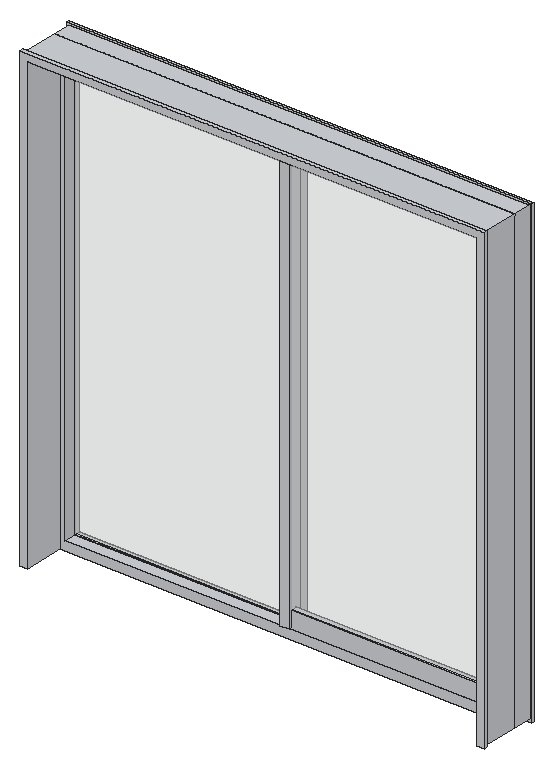
Revit family "APL Residential Thermal Heart Sliding Door SF", category Doors, host Wall, Revit 2017 (continued)
Definition of nested family "APL Residential Thermal Heart Sliding Door SF Horizontal Section"
  Definition of nested family "Glazing Bead"
    Lines and regions (mm)
      detail lines, in view "Ref. Level", not visible
        curve 30: arc (-0.25, -10.787, 0) -> (0, -11.037, 0) -> (-0.25, -11.287, 0) r 0.25
        curve 31: line (-0.25, -12.456, 0) -> (-1, -12.456, 0)
        curve 32: line (-1, -12.456, 0) -> (-1, -8.45, 0)
        curve 33: line (-1, -8.45, 0) -> (-2.2, -8.45, 0)
        curve 34: line (-2.2, -8.45, 0) -> (-2.2, -9.2, 0)
        curve 35: line (-2.2, -9.2, 0) -> (-2.8, -9.2, 0)
        curve 36: line (-2.8, -9.2, 0) -> (-2.8, -6.1, 0)
        curve 37: line (-2.8, -6.1, 0) -> (-2.2, -6.1, 0)
        curve 38: line (-2.2, -6.1, 0) -> (-2.2, -6.85, 0)
        curve 39: line (-2.2, -6.85, 0) -> (-1, -6.85, 0)
        curve 40: line (-1, -6.85, 0) -> (-1, -4.9, 0)
        curve 41: line (-1, -4.9, 0) -> (-0.25, -4.9, 0)
        curve 42: line (-0.25, -5.4, 0) -> (-0.25, -8.45, 0)
        curve 43: line (-0.25, -8.95, 0) -> (-0.25, -9.619, 0)
        curve 44: line (-0.25, -10.119, 0) -> (-0.25, -10.787, 0)
        curve 45: line (-0.25, -11.287, 0) -> (-0.25, -11.956, 0)
        curve 46: arc (-0.25, -11.956, 0) -> (0, -12.206, 0) -> (-0.25, -12.456, 0) r 0.25
        curve 47: arc (62.983, -3.041, 0) -> (62.673, -2.901, 0) -> (62.511, -3.2, 0) r 0.25
        curve 48: arc (62.537, -13.088, 0) -> (62.7, -13.387, 0) -> (63.01, -13.247, 0) r 0.25
        curve 49: line (62.511, -3.2, 0) -> (63.505, -7.068, 0)
        curve 50: line (63.505, -7.068, 0) -> (62.502, -7.647, 0)
        curve 51: line (62.502, -7.647, 0) -> (62.502, -8.647, 0)
        curve 52: line (62.502, -8.647, 0) -> (63.527, -9.239, 0)
        curve 53: line (63.527, -9.239, 0) -> (62.537, -13.088, 0)
        curve 54: line (63.01, -13.247, 0) -> (64.734, -9.147, 0)
        curve 55: line (64.734, -9.147, 0) -> (66.002, -9.147, 0)
        curve 56: line (66.002, -9.147, 0) -> (66.002, -10.397, 0)
        curve 57: line (66.002, -10.397, 0) -> (67.002, -10.397, 0)
        curve 58: line (67.002, -10.397, 0) -> (67.002, -5.897, 0)
        curve 59: line (67.002, -5.897, 0) -> (66.002, -5.897, 0)
        curve 60: line (66.002, -5.897, 0) -> (66.002, -7.147, 0)
        curve 61: line (66.002, -7.147, 0) -> (64.71, -7.147, 0)
        curve 62: line (64.71, -7.147, 0) -> (62.983, -3.041, 0)
    Dimensions and locks
      "Glass Lenght": plane 1 "Center (Front/Back)" to plane 4
      aligned and locked: plane 4 to curve 2
      aligned and locked: plane 1 "Center (Front/Back)" to Filled region 1 sketch curve
      aligned and locked: Filled region 1 sketch curve to curve 6
      aligned and locked: Filled region 1 sketch curve to curve 1
      aligned and locked: Filled region 1 sketch curve to curve 5
    Automatic sketch dimensions
      plane 1 "Center (Front/Back)" to curve 2 = 0 mm
      curve 2 to plane 3 "Center (Left/Right)" = 0 mm
      curve 6 to plane 4 = 0 mm
      curve 5 to plane 4 = 0 mm
      curve 4 to plane 4 = 0 mm
      curve 5 to curve 3 = 4 mm
      plane 3 "Center (Left/Right)" to curve 1 = 4 mm
      curve 6 to curve 5 = 16 mm
      plane 1 "Center (Front/Back)" to curve 1 = 12 mm
    Nested families
      nested 1: "65015_Bead" at (-15.5, 6.328, 0), type "65015_Bead", in view "Ref. Level"
    Definition of nested family "65015_Bead"
      Reference planes
        plane 1 "Center (Front/Back)": y = 0
        plane 2: z = 0
        plane 3 "Center (Left/Right)": x = 0
      Lines and regions (mm)
        model lines, in view "Ref. Level"
          curve 1: arc (13.5, 12.78, 0) -> (13.558, 12.92, 0) -> (13.698, 12.978, 0) r 0.198
          curve 2: arc (14.302, 12.978, 0) -> (14.442, 12.918, 0) -> (14.5, 12.777, 0) r 0.201
          curve 3: arc (14.5, 10.175, 0) -> (14.442, 10.036, 0) -> (14.302, 9.978, 0) r 0.198
          curve 4: arc (13.698, 9.978, 0) -> (13.558, 10.036, 0) -> (13.5, 10.175, 0) r 0.198
          curve 5: arc (13.5, 11.027, 0) -> (13.442, 11.169, 0) -> (13.3, 11.228, 0) r 0.2
          curve 6: arc (12.7, 11.228, 0) -> (11.851, 11.579, 0) -> (11.5, 12.428, 0) r 1.2
          curve 7: arc (11.5, 13.628, 0) -> (11.377, 13.813, 0) -> (11.159, 13.769, 0) r 0.2
          curve 8: arc (1.546, 4.157, 0) -> (1.438, 3.995, 0) -> (1.4, 3.804, 0) r 0.5
          curve 9: arc (1.4, 1.817, 0) -> (1.467, 1.567, 0) -> (1.65, 1.384, 0) r 0.5
          curve 10: arc (10.675, -3.827, 0) -> (10.913, -4.714, 0) -> (10.025, -4.952, 0) r 0.65
          curve 11: arc (3.306, -1.073, 0) -> (2.928, -1.023, 0) -> (2.624, -1.254, 0) r 0.5
          curve 12: arc (2.587, -2.129, 0) -> (2.248, -2.45, 0) -> (1.791, -2.352, 0) r 0.5
          curve 13: arc (1.518, -2.123, 0) -> (1.466, -2.054, 0) -> (1.447, -1.97, 0) r 0.2
          curve 14: arc (1.447, -1.115, 0) -> (1.476, -1.011, 0) -> (1.555, -0.938, 0) r 0.2
          curve 15: arc (1.555, -0.938, 0) -> (1.717, -0.809, 0) -> (1.82, -0.63, 0) r 0.55
          curve 16: arc (1.82, -0.63, 0) -> (1.825, -0.452, 0) -> (1.729, -0.302, 0) r 0.3
          curve 17: arc (0.2, 0, 0) -> (0.059, 0.059, 0) -> (0, 0.2, 0) r 0.2
          curve 18: arc (0, 4.383, 0) -> (0.038, 4.575, 0) -> (0.146, 4.737, 0) r 0.5
          curve 19: arc (14.159, 18.749, 0) -> (14.377, 18.792, 0) -> (14.5, 18.608, 0) r 0.2
          curve 20: arc (14.5, 15.172, 0) -> (14.442, 15.034, 0) -> (14.303, 14.978, 0) r 0.194
          curve 21: arc (13.698, 14.978, 0) -> (13.559, 15.038, 0) -> (13.5, 15.177, 0) r 0.203
          curve 22: arc (13.5, 15.528, 0) -> (13.441, 15.669, 0) -> (13.3, 15.728, 0) r 0.201
          curve 23: arc (12.7, 15.728, 0) -> (12.559, 15.669, 0) -> (12.5, 15.528, 0) r 0.2
          curve 24: arc (12.5, 12.428, 0) -> (12.559, 12.286, 0) -> (12.7, 12.228, 0) r 0.2
          curve 25: line (13.5, 12.428, 0) -> (13.5, 12.78, 0)
          curve 26: line (13.698, 12.978, 0) -> (14.302, 12.978, 0)
          curve 27: line (14.5, 12.777, 0) -> (14.5, 10.175, 0)
          curve 28: line (14.302, 9.978, 0) -> (13.698, 9.978, 0)
          curve 29: line (13.5, 10.175, 0) -> (13.5, 11.027, 0)
          curve 30: line (13.3, 11.228, 0) -> (12.7, 11.228, 0)
          curve 31: line (11.5, 12.428, 0) -> (11.5, 13.628, 0)
          curve 32: line (11.159, 13.769, 0) -> (1.546, 4.157, 0)
          curve 33: line (1.4, 3.804, 0) -> (1.4, 1.817, 0)
          curve 34: line (1.65, 1.384, 0) -> (10.675, -3.827, 0)
          curve 35: line (10.025, -4.952, 0) -> (3.306, -1.073, 0)
          curve 36: line (2.597, -1.355, 0) -> (2.597, -2.065, 0)
          curve 37: line (1.791, -2.352, 0) -> (1.518, -2.123, 0)
          curve 38: line (1.518, -2.123, 0) -> (1.447, -1.115, 0)
          curve 39: line (1.729, -0.302, 0) -> (1.425, -0.047, 0)
          curve 40: line (1.425, -0.047, 0) -> (0.2, 0, 0)
          curve 41: line (0, 0.2, 0) -> (0, 4.383, 0)
          curve 42: line (0.146, 4.737, 0) -> (14.159, 18.749, 0)
          curve 43: line (14.5, 18.608, 0) -> (14.5, 15.172, 0)
          curve 44: line (14.303, 14.978, 0) -> (13.698, 14.978, 0)
          curve 45: line (13.5, 15.177, 0) -> (13.5, 15.528, 0)
          curve 46: line (13.3, 15.728, 0) -> (12.7, 15.728, 0)
          curve 47: line (12.5, 15.528, 0) -> (12.5, 12.428, 0)
          curve 48: line (12.7, 12.228, 0) -> (13.3, 12.228, 0)
          curve 49: arc (13.3, 12.228, 0) -> (13.441, 12.286, 0) -> (13.5, 12.428, 0) r 0.2
      Text (mm)
        text "65015" at (32.01, 10.207, 0), in view "Ref. Level"
  Definition of nested family "Glass"
    Parameters (values of type "Glass")
      Glass Lenght [instance] = 50 mm
    Reference planes
      plane 1 "Center (Front/Back)": y = 0
      plane 2: z = 0
      plane 3 "Center (Left/Right)": x = 0
      plane 4: y = -50
    Lines and regions (mm)
      Filled region 1, type "Solid Fill - Black", in view "Ref. Level"
        outline origin (0, 0, 0) x (1, 0, 0) y (0, 1, 0)
          loop
            line (4, 0) -> (4, -12) -> (20, -12) -> (20, 0) -> (4, 0)
      model lines, in view "Ref. Level"
        curve 1: line (4, -12, 0) -> (20, -12, 0)
        curve 2: line (0, -50, 0) -> (0, 0, 0)
        curve 3: line (0, 0, 0) -> (24, 0, 0)
        curve 4: line (24, 0, 0) -> (24, -50, 0)
        curve 5: line (20, 0, 0) -> (20, -50, 0)
        curve 6: line (4, 0, 0) -> (4, -50, 0)
      detail lines, in view "Ref. Level"
        curve 7: arc (25, -11.728, 0) -> (24.979, -11.828, 0) -> (24.92, -11.912, 0) r 0.25
        curve 8: arc (24.161, -12.614, 0) -> (24.042, -12.78, 0) -> (24, -12.981, 0) r 0.5
        curve 9: arc (24, -14.404, 0) -> (24.088, -14.594, 0) -> (24.289, -14.651, 0) r 0.25
        curve 10: arc (28.489, -13.997, 0) -> (28.647, -13.904, 0) -> (28.699, -13.728, 0) r 0.25
        curve 11: arc (27.5, -9.1, 0) -> (27.711, -8.984, 0) -> (27.727, -8.744, 0) r 0.25
        curve 12: arc (26.033, -5.114, 0) -> (25.642, -4.858, 0) -> (25.24, -5.095, 0) r 0.442
        curve 13: arc (24.864, -5.812, 0) -> (24.414, -6.357, 0) -> (24.052, -6.964, 0) r 4.62
        curve 14: arc (24.052, -6.964, 0) -> (24.013, -7.073, 0) -> (24, -7.187, 0) r 0.5
        curve 15: arc (24, -7.743, 0) -> (24.132, -7.931, 0) -> (24.353, -7.871, 0) r 0.2
        curve 16: arc (24.353, -7.871, 0) -> (24.514, -7.711, 0) -> (24.702, -7.581, 0) r 1.262
        curve 17: arc (24.702, -7.581, 0) -> (24.901, -7.583, 0) -> (25, -7.756, 0) r 0.2
        curve 18: arc (25, -8.353, 0) -> (24.962, -8.543, 0) -> (24.855, -8.705, 0) r 0.5
        curve 19: arc (24.855, -8.705, 0) -> (24.408, -9.237, 0) -> (24.051, -9.833, 0) r 4.3
        curve 20: arc (24.051, -9.833, 0) -> (24.013, -9.941, 0) -> (24, -10.054, 0) r 0.5
        curve 21: arc (24, -10.668, 0) -> (24.137, -10.858, 0) -> (24.361, -10.787, 0) r 0.2
        curve 22: arc (24.361, -10.787, 0) -> (24.512, -10.617, 0) -> (24.69, -10.476, 0) r 1.288
        curve 23: arc (24.69, -10.476, 0) -> (24.895, -10.467, 0) -> (25, -10.643, 0) r 0.2
        curve 24: line (24.92, -11.912, 0) -> (24.161, -12.614, 0)
        curve 25: line (24, -12.981, 0) -> (24, -14.404, 0)
        curve 26: line (24.289, -14.651, 0) -> (28.489, -13.997, 0)
        curve 27: line (28.699, -13.728, 0) -> (28.548, -12, 0)
        curve 28: line (28.548, -12, 0) -> (27, -12, 0)
        curve 29: line (27, -12, 0) -> (27, -9.1, 0)
        curve 30: line (27, -9.1, 0) -> (27.5, -9.1, 0)
        curve 31: line (27.727, -8.744, 0) -> (26.033, -5.114, 0)
        curve 32: line (25.24, -5.095, 0) -> (24.864, -5.812, 0)
        curve 33: line (24, -7.187, 0) -> (24, -7.743, 0)
        curve 34: line (25, -7.756, 0) -> (25, -8.353, 0)
        curve 35: line (24, -10.054, 0) -> (24, -10.668, 0)
        curve 36: line (25, -10.643, 0) -> (25, -11.728, 0)
        curve 87: arc (-0.25, -13, 0) -> (0, -12.75, 0) -> (-0.25, -12.5, 0) r 0.25
        curve 88: arc (-0.25, -9.45, 0) -> (0, -9.2, 0) -> (-0.25, -8.95, 0) r 0.25
        curve 89: arc (-0.25, -8.281, 0) -> (0, -8.031, 0) -> (-0.25, -7.781, 0) r 0.25
        curve 90: arc (-0.25, -7.113, 0) -> (0, -6.863, 0) -> (-0.25, -6.613, 0) r 0.25
        curve 91: line (-0.25, -5.444, 0) -> (-1, -5.444, 0)
        curve 92: line (-1, -5.444, 0) -> (-1, -9.45, 0)
        curve 93: line (-1, -9.45, 0) -> (-2.2, -9.45, 0)
        curve 94: line (-2.2, -9.45, 0) -> (-2.2, -8.7, 0)
        curve 95: line (-2.2, -8.7, 0) -> (-2.8, -8.7, 0)
        curve 96: line (-2.8, -8.7, 0) -> (-2.8, -11.8, 0)
        curve 97: line (-2.8, -11.8, 0) -> (-2.2, -11.8, 0)
        curve 98: line (-2.2, -11.8, 0) -> (-2.2, -11.05, 0)
        curve 99: line (-2.2, -11.05, 0) -> (-1, -11.05, 0)
        curve 100: line (-1, -11.05, 0) -> (-1, -13, 0)
        curve 101: line (-1, -13, 0) -> (-0.25, -13, 0)
        curve 102: line (-0.25, -12.5, 0) -> (-0.25, -9.45, 0)
        curve 103: line (-0.25, -8.95, 0) -> (-0.25, -8.281, 0)
        curve 104: line (-0.25, -7.781, 0) -> (-0.25, -7.113, 0)
        curve 105: line (-0.25, -6.613, 0) -> (-0.25, -5.944, 0)
        curve 106: arc (-0.25, -5.944, 0) -> (0, -5.694, 0) -> (-0.25, -5.444, 0) r 0.25
      detail lines, in view "Ref. Level", not visible
        curve 37: arc (-0.25, -4.9, 0) -> (0, -5.15, 0) -> (-0.25, -5.4, 0) r 0.25
        curve 38: arc (-0.25, -8.45, 0) -> (0, -8.7, 0) -> (-0.25, -8.95, 0) r 0.25
        curve 39: arc (-0.25, -9.619, 0) -> (0, -9.869, 0) -> (-0.25, -10.119, 0) r 0.25
        curve 40: arc (-0.25, -10.787, 0) -> (0, -11.037, 0) -> (-0.25, -11.287, 0) r 0.25
        curve 41: line (-0.25, -12.456, 0) -> (-1, -12.456, 0)
        curve 42: line (-1, -12.456, 0) -> (-1, -8.45, 0)
        curve 43: line (-1, -8.45, 0) -> (-2.2, -8.45, 0)
        curve 44: line (-2.2, -8.45, 0) -> (-2.2, -9.2, 0)
        curve 45: line (-2.2, -9.2, 0) -> (-2.8, -9.2, 0)
        curve 46: line (-2.8, -9.2, 0) -> (-2.8, -6.1, 0)
        curve 47: line (-2.8, -6.1, 0) -> (-2.2, -6.1, 0)
        curve 48: line (-2.2, -6.1, 0) -> (-2.2, -6.85, 0)
        curve 49: line (-2.2, -6.85, 0) -> (-1, -6.85, 0)
        curve 50: line (-1, -6.85, 0) -> (-1, -4.9, 0)
        curve 51: line (-1, -4.9, 0) -> (-0.25, -4.9, 0)
        curve 52: line (-0.25, -5.4, 0) -> (-0.25, -8.45, 0)
        curve 53: line (-0.25, -8.95, 0) -> (-0.25, -9.619, 0)
        curve 54: line (-0.25, -10.119, 0) -> (-0.25, -10.787, 0)
        curve 55: line (-0.25, -11.287, 0) -> (-0.25, -11.956, 0)
        curve 56: arc (-0.25, -11.956, 0) -> (0, -12.206, 0) -> (-0.25, -12.456, 0) r 0.25
        curve 57: arc (25, -10.728, 0) -> (24.979, -10.828, 0) -> (24.92, -10.912, 0) r 0.25
        curve 58: arc (24.161, -11.614, 0) -> (24.042, -11.78, 0) -> (24, -11.981, 0) r 0.5
        curve 59: arc (24, -13.404, 0) -> (24.088, -13.594, 0) -> (24.289, -13.651, 0) r 0.25
        curve 60: arc (28.489, -12.997, 0) -> (28.647, -12.904, 0) -> (28.699, -12.728, 0) r 0.25
        curve 61: arc (27.5, -8.1, 0) -> (27.711, -7.984, 0) -> (27.727, -7.744, 0) r 0.25
        curve 62: arc (26.033, -4.114, 0) -> (25.642, -3.858, 0) -> (25.24, -4.095, 0) r 0.442
        curve 63: arc (24.864, -4.812, 0) -> (24.414, -5.357, 0) -> (24.052, -5.964, 0) r 4.62
        curve 64: arc (24.052, -5.964, 0) -> (24.013, -6.073, 0) -> (24, -6.187, 0) r 0.5
        curve 65: arc (24, -6.743, 0) -> (24.132, -6.931, 0) -> (24.353, -6.871, 0) r 0.2
        curve 66: arc (24.353, -6.871, 0) -> (24.514, -6.711, 0) -> (24.702, -6.581, 0) r 1.262
        curve 67: arc (24.702, -6.581, 0) -> (24.901, -6.583, 0) -> (25, -6.756, 0) r 0.2
        curve 68: arc (25, -7.353, 0) -> (24.962, -7.543, 0) -> (24.855, -7.705, 0) r 0.5
        curve 69: arc (24.855, -7.705, 0) -> (24.408, -8.237, 0) -> (24.051, -8.833, 0) r 4.3
        curve 70: arc (24.051, -8.833, 0) -> (24.013, -8.941, 0) -> (24, -9.054, 0) r 0.5
        curve 71: arc (24, -9.668, 0) -> (24.137, -9.858, 0) -> (24.361, -9.787, 0) r 0.2
        curve 72: arc (24.361, -9.787, 0) -> (24.512, -9.617, 0) -> (24.69, -9.476, 0) r 1.288
        curve 73: arc (24.69, -9.476, 0) -> (24.895, -9.467, 0) -> (25, -9.643, 0) r 0.2
        curve 74: line (24.92, -10.912, 0) -> (24.161, -11.614, 0)
        curve 75: line (24, -11.981, 0) -> (24, -13.404, 0)
        curve 76: line (24.289, -13.651, 0) -> (28.489, -12.997, 0)
        curve 77: line (28.699, -12.728, 0) -> (28.548, -11, 0)
        curve 78: line (28.548, -11, 0) -> (27, -11, 0)
        curve 79: line (27, -11, 0) -> (27, -8.1, 0)
        curve 80: line (27, -8.1, 0) -> (27.5, -8.1, 0)
        curve 81: line (27.727, -7.744, 0) -> (26.033, -4.114, 0)
        curve 82: line (25.24, -4.095, 0) -> (24.864, -4.812, 0)
        curve 83: line (24, -6.187, 0) -> (24, -6.743, 0)
        curve 84: line (25, -6.756, 0) -> (25, -7.353, 0)
        curve 85: line (24, -9.054, 0) -> (24, -9.668, 0)
        curve 86: line (25, -9.643, 0) -> (25, -10.728, 0)
    Dimensions and locks
      "Glass Lenght": plane 1 "Center (Front/Back)" to plane 4
      aligned and locked: plane 4 to curve 2
      aligned and locked: plane 1 "Center (Front/Back)" to Filled region 1 sketch curve
      aligned and locked: Filled region 1 sketch curve to curve 6
      aligned and locked: Filled region 1 sketch curve to curve 1
      aligned and locked: Filled region 1 sketch curve to curve 5
    Automatic sketch dimensions
      plane 1 "Center (Front/Back)" to curve 2 = 0 mm
      curve 2 to plane 3 "Center (Left/Right)" = 0 mm
      curve 6 to plane 4 = 0 mm
      curve 5 to plane 4 = 0 mm
      curve 4 to plane 4 = 0 mm
      curve 5 to curve 3 = 4 mm
      curve 1 to curve 1 = 16 mm
      plane 1 "Center (Front/Back)" to curve 1 = 12 mm
      plane 3 "Center (Left/Right)" to curve 6 = 4 mm
Definition of nested family "APL Residential Thermal Heart Sliding Door SF Vertical Section"
  Parameters (values of type "Groove Liner")
    Sill Liner = yes
    Liner End [instance] = 10 mm
    Liner Block = Liner : Liner
    Liner [instance] = 100 mm
    Head Liner = yes
    Groove [instance] = 10 mm
    Glass Length [instance] = Box Height - 217.9 mm  # 282.1 mm
    Box Height [instance] = 500 mm
  Types (2, lengths in mm): name | Liner Block
    Groove Liner | Liner : Liner
    Liner | Liner No Groove : Liner No Groove
  Reference planes
    plane 1 "Center (Front/Back)": x = -337.446
    plane 2: z = 0
    plane 3 "Center (Left/Right)": y = 126.603
    plane 4: y = 376.603
    plane 5: y = -123.397
    plane 6: x = -284.446
    plane 7: x = -284.446
    plane 8: x = -377.596
    plane 9: y = -128.397
  Dimensions and locks
    equal spacing: plane 4, plane 3 "Center (Left/Right)", plane 5
    "Box Height": plane 4 to plane 5
    "Liner": plane 6 to nested 1
    "Liner": plane 7 to nested 2
    locked: nested 5 to nested 1 at 22.396
    locked: nested 2 to nested 6 at 22.397
    locked: nested 3 to nested 5 at 6
    locked: nested 6 to nested 4 at 6
    locked: nested 3 to plane 4 at 92
    locked: plane 5 to nested 4 at 120.801
    locked: plane 9 to nested 6 at 5
    locked: nested 6 to plane 8 at 5
    aligned and locked: plane 7 to nested 2
  Nested families
    nested 1: "Liner" at (-284.446, 355.999, 0), type <- "Liner Block", visible <- "Head Liner", type "Liner", in view "Left", detail levels fine
      with built-in parameter 1001306 0.32808 (stored number, unit not read)
    nested 2: "Liner" at (-284.446, -102.794, 0), type <- "Liner Block", visible <- "Sill Liner", type "Liner", in view "Left", detail levels fine
      with built-in parameter 1001306 0.32808 (stored number, unit not read)
    nested 3: "Glass" at (-317.757, 284.602, 0), Glass Lenght <- "Glass Length", type "Glass", in view "Left", detail levels fine
      with Glass Lenght 282.1 mm
    nested 4: "Glass" at (-317.757, -2.597, 0), Glass Lenght <- "Glass Length", type "Glass", in view "Left", detail levels fine
      with Glass Lenght 282.1 mm
    nested 5: "Head Two Panel" at (-395.477, 376.603, 0), type "Head Two Panel", in view "Left", detail levels fine
    nested 6: "Sill Two Panel" at (-308.917, -123.397, 0), type "Sill Two Panel", in view "Left", detail levels fine
  Definition of nested family "Liner"
    Parameters (values of type "Liner")
      Type Image = (empty or 0)
      built-in parameter 1001306 [instance] = 100 mm
      Groove [instance] = 10 mm
      End Liner [instance] = 10 mm
    Reference planes
      plane 1 "Center (Front/Back)": y = 0
      plane 2: z = 0
      plane 3 "Left": x = 0
      plane 4 "Right": x = 100
    Lines and regions (mm)
      Filled region 1, type "Brick", in view "Ref. Level"
        outline origin (0, 0, 0) x (1, 0, 0) y (0, 1, 0)
          loop
            line (0, 0) -> (120, 0) -> (120, 19) -> (110, 19) -> (110, 13.435) -> (100, 13.435) -> (100, 19) -> (0, 19) -> (0, 0)
      reference lines, in view "Ref. Level"
        curve 1: line (0, 0, 0) -> (100, 0, 0)
      detail lines, in view "Ref. Level", detail levels fine
        curve 2: line (100, 0, 0) -> (0, 0, 0)
    Dimensions and locks
      "built-in parameter 1001306": plane 3 "Left" to plane 4 "Right"
      locked: Filled region 1 to curve 2 at 19
      "Groove": plane 4 "Right" to Filled region 1
      "End Liner": Filled region 1 to Filled region 1
      aligned and locked: plane 1 "Center (Front/Back)" to curve 1
      aligned and locked: plane 3 "Left" to curve 1
      aligned and locked: plane 4 "Right" to curve 1
      aligned and locked: curve 1 to Filled region 1
      aligned and locked: plane 1 "Center (Front/Back)" to Filled region 1
      aligned and locked: Filled region 1 to plane 3 "Left"
    Automatic sketch dimensions
      curve 2 to plane 4 "Right" = 0 mm
      Filled region 1 sketch curve to plane 3 "Left" = 0 mm
      Filled region 1 sketch curve to plane 4 "Right" = 0 mm
      Filled region 1 sketch curve to Filled region 1 sketch curve = 10 mm  (x2)
      Filled region 1 sketch curve to plane 1 "Center (Front/Back)" = 0 mm
      Filled region 1 sketch curve to plane 1 "Center (Front/Back)" = 13.435 mm
      Filled region 1 sketch curve to Filled region 1 sketch curve = 5.565 mm  (x2)
      curve 2 to plane 3 "Left" = 0 mm
  Definition of nested family "Glass"
    Parameters (values of type "Glass")
      Glass Lenght [instance] = 50 mm
    Reference planes
      plane 1 "Center (Front/Back)": y = 0
      plane 2: z = 0
      plane 3 "Center (Left/Right)": x = 0
      plane 4: y = -50
    Lines and regions (mm)
      Filled region 1, type "Solid Fill - Black", in view "Ref. Level"
        outline origin (0, 0, 0) x (1, 0, 0) y (0, 1, 0)
          loop
            line (4, 0) -> (4, -12) -> (20, -12) -> (20, 0) -> (4, 0)
      model lines, in view "Ref. Level"
        curve 1: line (4, -12, 0) -> (20, -12, 0)
        curve 2: line (0, -50, 0) -> (0, 0, 0)
        curve 3: line (0, 0, 0) -> (24, 0, 0)
        curve 4: line (24, 0, 0) -> (24, -50, 0)
        curve 5: line (20, 0, 0) -> (20, -50, 0)
        curve 6: line (4, 0, 0) -> (4, -50, 0)
      detail lines, in view "Ref. Level"
        curve 7: arc (25, -11.728, 0) -> (24.979, -11.828, 0) -> (24.92, -11.912, 0) r 0.25
        curve 8: arc (24.161, -12.614, 0) -> (24.042, -12.78, 0) -> (24, -12.981, 0) r 0.5
        curve 9: arc (24, -14.404, 0) -> (24.088, -14.594, 0) -> (24.289, -14.651, 0) r 0.25
        curve 10: arc (28.489, -13.997, 0) -> (28.647, -13.904, 0) -> (28.699, -13.728, 0) r 0.25
        curve 11: arc (27.5, -9.1, 0) -> (27.711, -8.984, 0) -> (27.727, -8.744, 0) r 0.25
        curve 12: arc (26.033, -5.114, 0) -> (25.642, -4.858, 0) -> (25.24, -5.095, 0) r 0.442
        curve 13: arc (24.864, -5.812, 0) -> (24.414, -6.357, 0) -> (24.052, -6.964, 0) r 4.62
        curve 14: arc (24.052, -6.964, 0) -> (24.013, -7.073, 0) -> (24, -7.187, 0) r 0.5
        curve 15: arc (24, -7.743, 0) -> (24.132, -7.931, 0) -> (24.353, -7.871, 0) r 0.2
        curve 16: arc (24.353, -7.871, 0) -> (24.514, -7.711, 0) -> (24.702, -7.581, 0) r 1.262
        curve 17: arc (24.702, -7.581, 0) -> (24.901, -7.583, 0) -> (25, -7.756, 0) r 0.2
        curve 18: arc (25, -8.353, 0) -> (24.962, -8.543, 0) -> (24.855, -8.705, 0) r 0.5
        curve 19: arc (24.855, -8.705, 0) -> (24.408, -9.237, 0) -> (24.051, -9.833, 0) r 4.3
        curve 20: arc (24.051, -9.833, 0) -> (24.013, -9.941, 0) -> (24, -10.054, 0) r 0.5
        curve 21: arc (24, -10.668, 0) -> (24.137, -10.858, 0) -> (24.361, -10.787, 0) r 0.2
        curve 22: arc (24.361, -10.787, 0) -> (24.512, -10.617, 0) -> (24.69, -10.476, 0) r 1.288
        curve 23: arc (24.69, -10.476, 0) -> (24.895, -10.467, 0) -> (25, -10.643, 0) r 0.2
        curve 24: line (24.92, -11.912, 0) -> (24.161, -12.614, 0)
        curve 25: line (24, -12.981, 0) -> (24, -14.404, 0)
        curve 26: line (24.289, -14.651, 0) -> (28.489, -13.997, 0)
        curve 27: line (28.699, -13.728, 0) -> (28.548, -12, 0)
        curve 28: line (28.548, -12, 0) -> (27, -12, 0)
        curve 29: line (27, -12, 0) -> (27, -9.1, 0)
        curve 30: line (27, -9.1, 0) -> (27.5, -9.1, 0)
        curve 31: line (27.727, -8.744, 0) -> (26.033, -5.114, 0)
        curve 32: line (25.24, -5.095, 0) -> (24.864, -5.812, 0)
        curve 33: line (24, -7.187, 0) -> (24, -7.743, 0)
        curve 34: line (25, -7.756, 0) -> (25, -8.353, 0)
        curve 35: line (24, -10.054, 0) -> (24, -10.668, 0)
        curve 36: line (25, -10.643, 0) -> (25, -11.728, 0)
        curve 87: arc (-0.25, -13, 0) -> (0, -12.75, 0) -> (-0.25, -12.5, 0) r 0.25
        curve 88: arc (-0.25, -9.45, 0) -> (0, -9.2, 0) -> (-0.25, -8.95, 0) r 0.25
        curve 89: arc (-0.25, -8.281, 0) -> (0, -8.031, 0) -> (-0.25, -7.781, 0) r 0.25
        curve 90: arc (-0.25, -7.113, 0) -> (0, -6.863, 0) -> (-0.25, -6.613, 0) r 0.25
        curve 91: line (-0.25, -5.444, 0) -> (-1, -5.444, 0)
        curve 92: line (-1, -5.444, 0) -> (-1, -9.45, 0)
        curve 93: line (-1, -9.45, 0) -> (-2.2, -9.45, 0)
        curve 94: line (-2.2, -9.45, 0) -> (-2.2, -8.7, 0)
        curve 95: line (-2.2, -8.7, 0) -> (-2.8, -8.7, 0)
        curve 96: line (-2.8, -8.7, 0) -> (-2.8, -11.8, 0)
        curve 97: line (-2.8, -11.8, 0) -> (-2.2, -11.8, 0)
        curve 98: line (-2.2, -11.8, 0) -> (-2.2, -11.05, 0)
        curve 99: line (-2.2, -11.05, 0) -> (-1, -11.05, 0)
        curve 100: line (-1, -11.05, 0) -> (-1, -13, 0)
        curve 101: line (-1, -13, 0) -> (-0.25, -13, 0)
        curve 102: line (-0.25, -12.5, 0) -> (-0.25, -9.45, 0)
        curve 103: line (-0.25, -8.95, 0) -> (-0.25, -8.281, 0)
        curve 104: line (-0.25, -7.781, 0) -> (-0.25, -7.113, 0)
        curve 105: line (-0.25, -6.613, 0) -> (-0.25, -5.944, 0)
        curve 106: arc (-0.25, -5.944, 0) -> (0, -5.694, 0) -> (-0.25, -5.444, 0) r 0.25
      detail lines, in view "Ref. Level", not visible
        curve 37: arc (-0.25, -4.9, 0) -> (0, -5.15, 0) -> (-0.25, -5.4, 0) r 0.25
        curve 38: arc (-0.25, -8.45, 0) -> (0, -8.7, 0) -> (-0.25, -8.95, 0) r 0.25
        curve 39: arc (-0.25, -9.619, 0) -> (0, -9.869, 0) -> (-0.25, -10.119, 0) r 0.25
        curve 40: arc (-0.25, -10.787, 0) -> (0, -11.037, 0) -> (-0.25, -11.287, 0) r 0.25
        curve 41: line (-0.25, -12.456, 0) -> (-1, -12.456, 0)
        curve 42: line (-1, -12.456, 0) -> (-1, -8.45, 0)
        curve 43: line (-1, -8.45, 0) -> (-2.2, -8.45, 0)
        curve 44: line (-2.2, -8.45, 0) -> (-2.2, -9.2, 0)
        curve 45: line (-2.2, -9.2, 0) -> (-2.8, -9.2, 0)
        curve 46: line (-2.8, -9.2, 0) -> (-2.8, -6.1, 0)
        curve 47: line (-2.8, -6.1, 0) -> (-2.2, -6.1, 0)
        curve 48: line (-2.2, -6.1, 0) -> (-2.2, -6.85, 0)
        curve 49: line (-2.2, -6.85, 0) -> (-1, -6.85, 0)
        curve 50: line (-1, -6.85, 0) -> (-1, -4.9, 0)
        curve 51: line (-1, -4.9, 0) -> (-0.25, -4.9, 0)
        curve 52: line (-0.25, -5.4, 0) -> (-0.25, -8.45, 0)
        curve 53: line (-0.25, -8.95, 0) -> (-0.25, -9.619, 0)
        curve 54: line (-0.25, -10.119, 0) -> (-0.25, -10.787, 0)
        curve 55: line (-0.25, -11.287, 0) -> (-0.25, -11.956, 0)
        curve 56: arc (-0.25, -11.956, 0) -> (0, -12.206, 0) -> (-0.25, -12.456, 0) r 0.25
        curve 57: arc (25, -10.728, 0) -> (24.979, -10.828, 0) -> (24.92, -10.912, 0) r 0.25
        curve 58: arc (24.161, -11.614, 0) -> (24.042, -11.78, 0) -> (24, -11.981, 0) r 0.5
        curve 59: arc (24, -13.404, 0) -> (24.088, -13.594, 0) -> (24.289, -13.651, 0) r 0.25
        curve 60: arc (28.489, -12.997, 0) -> (28.647, -12.904, 0) -> (28.699, -12.728, 0) r 0.25
        curve 61: arc (27.5, -8.1, 0) -> (27.711, -7.984, 0) -> (27.727, -7.744, 0) r 0.25
        curve 62: arc (26.033, -4.114, 0) -> (25.642, -3.858, 0) -> (25.24, -4.095, 0) r 0.442
        curve 63: arc (24.864, -4.812, 0) -> (24.414, -5.357, 0) -> (24.052, -5.964, 0) r 4.62
        curve 64: arc (24.052, -5.964, 0) -> (24.013, -6.073, 0) -> (24, -6.187, 0) r 0.5
        curve 65: arc (24, -6.743, 0) -> (24.132, -6.931, 0) -> (24.353, -6.871, 0) r 0.2
        curve 66: arc (24.353, -6.871, 0) -> (24.514, -6.711, 0) -> (24.702, -6.581, 0) r 1.262
        curve 67: arc (24.702, -6.581, 0) -> (24.901, -6.583, 0) -> (25, -6.756, 0) r 0.2
        curve 68: arc (25, -7.353, 0) -> (24.962, -7.543, 0) -> (24.855, -7.705, 0) r 0.5
        curve 69: arc (24.855, -7.705, 0) -> (24.408, -8.237, 0) -> (24.051, -8.833, 0) r 4.3
        curve 70: arc (24.051, -8.833, 0) -> (24.013, -8.941, 0) -> (24, -9.054, 0) r 0.5
        curve 71: arc (24, -9.668, 0) -> (24.137, -9.858, 0) -> (24.361, -9.787, 0) r 0.2
        curve 72: arc (24.361, -9.787, 0) -> (24.512, -9.617, 0) -> (24.69, -9.476, 0) r 1.288
        curve 73: arc (24.69, -9.476, 0) -> (24.895, -9.467, 0) -> (25, -9.643, 0) r 0.2
        curve 74: line (24.92, -10.912, 0) -> (24.161, -11.614, 0)
        curve 75: line (24, -11.981, 0) -> (24, -13.404, 0)
        curve 76: line (24.289, -13.651, 0) -> (28.489, -12.997, 0)
        curve 77: line (28.699, -12.728, 0) -> (28.548, -11, 0)
        curve 78: line (28.548, -11, 0) -> (27, -11, 0)
        curve 79: line (27, -11, 0) -> (27, -8.1, 0)
        curve 80: line (27, -8.1, 0) -> (27.5, -8.1, 0)
        curve 81: line (27.727, -7.744, 0) -> (26.033, -4.114, 0)
        curve 82: line (25.24, -4.095, 0) -> (24.864, -4.812, 0)
        curve 83: line (24, -6.187, 0) -> (24, -6.743, 0)
        curve 84: line (25, -6.756, 0) -> (25, -7.353, 0)
        curve 85: line (24, -9.054, 0) -> (24, -9.668, 0)
        curve 86: line (25, -9.643, 0) -> (25, -10.728, 0)
    Dimensions and locks
      "Glass Lenght": plane 1 "Center (Front/Back)" to plane 4
      aligned and locked: plane 4 to curve 2
      aligned and locked: plane 1 "Center (Front/Back)" to Filled region 1 sketch curve
      aligned and locked: Filled region 1 sketch curve to curve 6
      aligned and locked: Filled region 1 sketch curve to curve 1
      aligned and locked: Filled region 1 sketch curve to curve 5
    Automatic sketch dimensions
      plane 1 "Center (Front/Back)" to curve 2 = 0 mm
      curve 2 to plane 3 "Center (Left/Right)" = 0 mm
      curve 6 to plane 4 = 0 mm
      curve 5 to plane 4 = 0 mm
      curve 4 to plane 4 = 0 mm
      curve 5 to curve 3 = 4 mm
      curve 1 to curve 1 = 16 mm
      plane 1 "Center (Front/Back)" to curve 1 = 12 mm
      plane 3 "Center (Left/Right)" to curve 6 = 4 mm
  Definition of nested family "Head Two Panel"
    Reference planes
      plane 1 "Center (Front/Back)": y = 0
      plane 2: z = 0
      plane 3 "Center (Left/Right)": x = 0
    Dimensions and locks
      nested 1 to nested 2 = 7.499 mm
    Nested families
      nested 1: "65460_Door Top And Window Rail" at (73.501, -105, 0), type "65460_Door Top And Window Rail", in view "Ref. Level"
      nested 2: "65400_Frame Head" at (0, 0, 0), type "65400_Frame Head", in view "Ref. Level"
      nested 3: "65575_Threshold" at (0, -24, 0), type "65575_Threshold", in view "Ref. Level"
    Definition of nested family "65460_Door Top And Window Rail"
      Reference planes
        plane 1 "Center (Front/Back)": y = 0
        plane 2: z = 0
        plane 3 "Center (Left/Right)": x = 0
      Lines and regions (mm)
        detail lines, in view "Ref. Level"
          curve 1: arc (20.155, 25.72, 0) -> (19.65, 25.078, 0) -> (19.29, 24.346, 0) r 3.9
          curve 2: arc (19.29, 24.346, 0) -> (19.067, 24.218, 0) -> (18.902, 24.415, 0) r 0.2
          curve 3: arc (18.902, 31.835, 0) -> (19.067, 32.032, 0) -> (19.29, 31.904, 0) r 0.2
          curve 4: arc (19.29, 31.904, 0) -> (19.65, 31.172, 0) -> (20.155, 30.53, 0) r 3.9
          curve 5: arc (20.155, 30.53, 0) -> (21.428, 30.513, 0) -> (21.445, 31.786, 0) r 0.9
          curve 6: arc (21.445, 31.786, 0) -> (20.85, 33.25, 0) -> (21.445, 34.715, 0) r 2.1
          curve 7: arc (21.445, 34.715, 0) -> (21.57, 34.877, 0) -> (21.656, 35.064, 0) r 0.9
          curve 8: arc (21.656, 35.064, 0) -> (21.753, 35.236, 0) -> (21.91, 35.358, 0) r 0.5
          curve 9: arc (21.91, 35.358, 0) -> (22.95, 35.6, 0) -> (23.99, 35.358, 0) r 2.35
          curve 10: arc (23.99, 35.358, 0) -> (24.147, 35.236, 0) -> (24.244, 35.064, 0) r 0.5
          curve 11: arc (24.244, 35.064, 0) -> (24.33, 34.877, 0) -> (24.455, 34.715, 0) r 0.9
          curve 12: arc (24.455, 34.715, 0) -> (25.05, 33.25, 0) -> (24.455, 31.786, 0) r 2.1
          curve 13: arc (24.455, 31.786, 0) -> (24.472, 30.513, 0) -> (25.745, 30.53, 0) r 0.9
          curve 14: arc (25.745, 30.53, 0) -> (26.799, 32.619, 0) -> (26.468, 34.934, 0) r 3.9
          curve 15: arc (26.468, 34.934, 0) -> (26.496, 35.417, 0) -> (26.919, 35.65, 0) r 0.5
          curve 16: arc (31.08, 35.65, 0) -> (31.402, 35.533, 0) -> (31.572, 35.236, 0) r 0.5
          curve 17: arc (31.572, 21.014, 0) -> (31.402, 20.717, 0) -> (31.08, 20.6, 0) r 0.5
          curve 18: arc (26.919, 20.6, 0) -> (26.496, 20.834, 0) -> (26.468, 21.316, 0) r 0.5
          curve 19: arc (26.468, 21.316, 0) -> (26.799, 23.631, 0) -> (25.745, 25.72, 0) r 3.9
          curve 20: arc (25.745, 25.72, 0) -> (24.472, 25.737, 0) -> (24.455, 24.464, 0) r 0.9
          curve 21: arc (24.455, 24.464, 0) -> (25.05, 23, 0) -> (24.455, 21.535, 0) r 2.1
          curve 22: arc (24.455, 21.535, 0) -> (24.33, 21.373, 0) -> (24.244, 21.186, 0) r 0.9
          curve 23: arc (24.244, 21.186, 0) -> (24.147, 21.014, 0) -> (23.99, 20.892, 0) r 0.5
          curve 24: arc (23.99, 20.892, 0) -> (22.95, 20.65, 0) -> (21.91, 20.892, 0) r 2.35
          curve 25: arc (21.91, 20.892, 0) -> (21.753, 21.014, 0) -> (21.656, 21.186, 0) r 0.5
          curve 26: arc (21.656, 21.186, 0) -> (21.57, 21.373, 0) -> (21.445, 21.535, 0) r 0.9
          curve 27: arc (21.445, 21.535, 0) -> (20.85, 23, 0) -> (21.445, 24.464, 0) r 2.1
          curve 28: arc (21.445, 24.464, 0) -> (21.428, 25.737, 0) -> (20.155, 25.72, 0) r 0.9
          curve 29: arc (17.002, 21.247, 0) -> (17.028, 21.125, 0) -> (17.102, 21.023, 0) r 0.3
          curve 30: arc (17.102, 21.023, 0) -> (17.182, 20.693, 0) -> (16.902, 20.5, 0) r 0.3
          curve 31: arc (14.681, 21.043, 0) -> (14.592, 21.095, 0) -> (14.54, 21.184, 0) r 0.2
          curve 32: arc (14.495, 21.352, 0) -> (14.354, 21.493, 0) -> (14.161, 21.441, 0) r 0.2
          curve 33: arc (13.797, 21.077, 0) -> (13.737, 20.992, 0) -> (13.71, 20.891, 0) r 0.3
          curve 34: arc (13.503, 18.526, 0) -> (13.619, 18.262, 0) -> (13.905, 18.218, 0) r 0.3
          curve 35: arc (15.315, 18.731, 0) -> (15.441, 18.819, 0) -> (15.507, 18.957, 0) r 0.3
          curve 36: arc (15.507, 18.957, 0) -> (15.78, 19.199, 0) -> (16.085, 19, 0) r 0.3
          curve 37: arc (31.1, 19, 0) -> (31.414, 18.904, 0) -> (31.601, 18.633, 0) r 0.5
          curve 38: arc (32.601, 3.535, 0) -> (32.523, 3.377, 0) -> (32.349, 3.342, 0) r 0.2
          curve 39: arc (31.453, 3.583, 0) -> (31.279, 3.548, 0) -> (31.201, 3.389, 0) r 0.2
          curve 40: arc (31.439, 1.205, 0) -> (31.508, 1.087, 0) -> (31.636, 1.04, 0) r 0.2
          curve 41: arc (32.901, 0.203, 0) -> (32.959, 0.06, 0) -> (33.101, 0, 0) r 0.2
          curve 42: arc (33.8, 0, 0) -> (33.941, 0.059, 0) -> (34, 0.2, 0) r 0.2
          curve 43: arc (34, 71.5, 0) -> (33.854, 71.854, 0) -> (33.5, 72, 0) r 0.5
          curve 44: arc (32.4, 72, 0) -> (32.259, 71.942, 0) -> (32.2, 71.8, 0) r 0.2
          curve 45: arc (32.2, 57.95, 0) -> (32.141, 57.809, 0) -> (32, 57.75, 0) r 0.2
          curve 46: arc (29.4, 57.75, 0) -> (29.259, 57.692, 0) -> (29.2, 57.55, 0) r 0.2
          curve 47: arc (29.2, 56.45, 0) -> (29.259, 56.309, 0) -> (29.4, 56.25, 0) r 0.2
          curve 48: arc (32, 56.25, 0) -> (32.141, 56.192, 0) -> (32.2, 56.05, 0) r 0.2
          curve 49: arc (32.2, 42.95, 0) -> (32.141, 42.809, 0) -> (32, 42.75, 0) r 0.2
          curve 50: arc (29.4, 42.75, 0) -> (29.259, 42.692, 0) -> (29.2, 42.55, 0) r 0.2
          curve 51: arc (29.2, 41.45, 0) -> (29.259, 41.309, 0) -> (29.4, 41.25, 0) r 0.2
          curve 52: arc (32, 41.25, 0) -> (32.141, 41.192, 0) -> (32.2, 41.05, 0) r 0.2
          curve 53: arc (31.601, 37.618, 0) -> (31.422, 37.352, 0) -> (31.119, 37.25, 0) r 0.5
          curve 54: arc (16.085, 37.25, 0) -> (15.78, 37.051, 0) -> (15.507, 37.293, 0) r 0.3
          curve 55: arc (15.507, 37.293, 0) -> (15.441, 37.431, 0) -> (15.315, 37.519, 0) r 0.3
          curve 56: arc (13.905, 38.032, 0) -> (13.619, 37.988, 0) -> (13.503, 37.724, 0) r 0.3
          curve 57: arc (13.71, 35.359, 0) -> (13.737, 35.258, 0) -> (13.797, 35.173, 0) r 0.3
          curve 58: arc (14.161, 34.809, 0) -> (14.354, 34.757, 0) -> (14.495, 34.898, 0) r 0.2
          curve 59: arc (14.54, 35.066, 0) -> (14.592, 35.155, 0) -> (14.681, 35.207, 0) r 0.2
          curve 60: arc (16.902, 35.75, 0) -> (17.182, 35.557, 0) -> (17.102, 35.227, 0) r 0.3
          curve 61: arc (17.102, 35.227, 0) -> (17.028, 35.125, 0) -> (17.002, 35.003, 0) r 0.3
          curve 62: arc (17.196, 31, 0) -> (17.16, 30.828, 0) -> (17.002, 30.75, 0) r 0.2
          curve 63: arc (16.482, 30.75, 0) -> (16.4, 30.761, 0) -> (16.325, 30.794, 0) r 0.3
          curve 64: arc (15.071, 31.559, 0) -> (15.074, 31.729, 0) -> (14.968, 31.861, 0) r 0.25
          curve 65: arc (14.882, 31.914, 0) -> (14.63, 31.918, 0) -> (14.502, 31.7, 0) r 0.25
          curve 66: arc (14.502, 29.554, 0) -> (14.528, 29.456, 0) -> (14.598, 29.383, 0) r 0.2
          curve 67: arc (16.379, 28.296, 0) -> (16.475, 28.125, 0) -> (16.379, 27.954, 0) r 0.2
          curve 68: arc (14.598, 26.867, 0) -> (14.528, 26.794, 0) -> (14.502, 26.696, 0) r 0.2
          curve 69: arc (14.502, 24.55, 0) -> (14.629, 24.332, 0) -> (14.882, 24.336, 0) r 0.25
          curve 70: arc (14.968, 24.388, 0) -> (15.074, 24.521, 0) -> (15.071, 24.691, 0) r 0.25
          curve 71: arc (16.325, 25.456, 0) -> (16.4, 25.489, 0) -> (16.481, 25.5, 0) r 0.3
          curve 72: line (18.902, 24.415, 0) -> (18.902, 31.835, 0)
          curve 73: line (26.919, 35.65, 0) -> (31.08, 35.65, 0)
          curve 74: line (31.572, 35.236, 0) -> (32.193, 31.693, 0)
          curve 75: line (32.2, 31.607, 0) -> (32.2, 24.643, 0)
          curve 76: line (32.193, 24.557, 0) -> (31.572, 21.014, 0)
          curve 77: line (31.08, 20.6, 0) -> (26.919, 20.6, 0)
          curve 78: line (17.196, 25.25, 0) -> (17.002, 24.5, 0)
          curve 79: line (17.002, 24.474, 0) -> (17.002, 21.247, 0)
          curve 80: line (16.67, 20.51, 0) -> (14.681, 21.043, 0)
          curve 81: line (14.54, 21.184, 0) -> (14.495, 21.352, 0)
          curve 82: line (14.161, 21.441, 0) -> (13.797, 21.077, 0)
          curve 83: line (13.71, 20.891, 0) -> (13.503, 18.526, 0)
          curve 84: line (13.905, 18.218, 0) -> (15.315, 18.731, 0)
          curve 85: line (16.085, 19, 0) -> (31.1, 19, 0)
          curve 86: line (31.601, 18.633, 0) -> (32.583, 15.065, 0)
          curve 87: line (32.601, 14.933, 0) -> (32.601, 3.535, 0)
          curve 88: line (32.349, 3.342, 0) -> (31.453, 3.583, 0)
          curve 89: line (31.201, 3.389, 0) -> (31.201, 2.558, 0)
          curve 90: line (31.201, 2.558, 0) -> (31.439, 1.205, 0)
          curve 91: line (31.636, 1.04, 0) -> (32.901, 1.04, 0)
          curve 92: line (32.901, 1.04, 0) -> (32.901, 0.203, 0)
          curve 93: line (33.101, 0, 0) -> (33.8, 0, 0)
          curve 94: line (34, 0.2, 0) -> (34, 71.5, 0)
          curve 95: line (33.5, 72, 0) -> (32.4, 72, 0)
          curve 96: line (32.2, 71.8, 0) -> (32.2, 57.95, 0)
          curve 97: line (32, 57.75, 0) -> (29.4, 57.75, 0)
          curve 98: line (29.2, 57.55, 0) -> (29.2, 56.45, 0)
          curve 99: line (29.4, 56.25, 0) -> (32, 56.25, 0)
          curve 100: line (32.2, 56.05, 0) -> (32.2, 42.95, 0)
          curve 101: line (32, 42.75, 0) -> (29.4, 42.75, 0)
          curve 102: line (29.2, 42.55, 0) -> (29.2, 41.45, 0)
          curve 103: line (29.4, 41.25, 0) -> (32, 41.25, 0)
          curve 104: line (32.2, 41.05, 0) -> (32.2, 39.861, 0)
          curve 105: line (32.182, 39.728, 0) -> (31.601, 37.618, 0)
          curve 106: line (31.119, 37.25, 0) -> (23.35, 37.25, 0)
          curve 107: line (23.35, 37.25, 0) -> (22.95, 36.85, 0)
          curve 108: line (22.95, 36.85, 0) -> (22.55, 37.25, 0)
          curve 109: line (22.55, 37.25, 0) -> (16.085, 37.25, 0)
          curve 110: line (15.315, 37.519, 0) -> (13.905, 38.032, 0)
          curve 111: line (13.503, 37.724, 0) -> (13.71, 35.359, 0)
          curve 112: line (13.797, 35.173, 0) -> (14.161, 34.809, 0)
          curve 113: line (14.495, 34.898, 0) -> (14.54, 35.066, 0)
          curve 114: line (14.681, 35.207, 0) -> (16.67, 35.74, 0)
          curve 115: line (17.002, 35.003, 0) -> (17.002, 31.776, 0)
          curve 116: line (17.002, 31.75, 0) -> (17.196, 31, 0)
          curve 117: line (17.002, 30.75, 0) -> (16.482, 30.75, 0)
          curve 118: line (16.325, 30.794, 0) -> (15.071, 31.559, 0)
          curve 119: line (14.502, 31.7, 0) -> (14.502, 29.554, 0)
          curve 120: line (14.598, 29.383, 0) -> (16.379, 28.296, 0)
          curve 121: line (16.379, 27.954, 0) -> (14.598, 26.867, 0)
          curve 122: line (14.502, 26.696, 0) -> (14.502, 24.55, 0)
          curve 123: line (15.071, 24.691, 0) -> (16.325, 25.456, 0)
          curve 124: line (16.481, 25.5, 0) -> (17.002, 25.5, 0)
          curve 125: arc (17.002, 25.5, 0) -> (17.16, 25.422, 0) -> (17.196, 25.25, 0) r 0.2
          curve 126: arc (2.202, 31.65, 0) -> (2.319, 31.367, 0) -> (2.602, 31.25, 0) r 0.4
          curve 127: arc (2.895, 31.25, 0) -> (2.998, 31.264, 0) -> (3.095, 31.304, 0) r 0.4
          curve 128: arc (4.623, 32.189, 0) -> (4.913, 32.309, 0) -> (5.224, 32.35, 0) r 1.2
          curve 129: arc (6.147, 32.35, 0) -> (6.72, 32.531, 0) -> (7.086, 33.008, 0) r 1
          curve 130: arc (7.879, 35.187, 0) -> (8.026, 35.378, 0) -> (8.255, 35.45, 0) r 0.4
          curve 131: arc (10.949, 35.45, 0) -> (11.178, 35.378, 0) -> (11.325, 35.187, 0) r 0.4
          curve 132: arc (12.118, 33.008, 0) -> (12.484, 32.531, 0) -> (13.057, 32.35, 0) r 1
          curve 133: arc (13.98, 32.35, 0) -> (14.291, 32.309, 0) -> (14.581, 32.189, 0) r 1.2
          curve 134: arc (16.109, 31.304, 0) -> (16.206, 31.264, 0) -> (16.309, 31.25, 0) r 0.4
          curve 135: arc (16.602, 31.25, 0) -> (16.885, 31.367, 0) -> (17.002, 31.65, 0) r 0.4
          curve 136: arc (17.002, 35.05, 0) -> (16.885, 35.333, 0) -> (16.602, 35.45, 0) r 0.4
          curve 137: arc (16.309, 35.45, 0) -> (16.206, 35.437, 0) -> (16.109, 35.396, 0) r 0.4
          curve 138: arc (14.581, 34.512, 0) -> (14.287, 34.39, 0) -> (13.972, 34.35, 0) r 1.2
          curve 139: arc (13.972, 34.35, 0) -> (13.797, 34.403, 0) -> (13.686, 34.548, 0) r 0.3
          curve 140: arc (12.798, 36.987, 0) -> (12.651, 37.178, 0) -> (12.422, 37.25, 0) r 0.4
          curve 141: arc (6.782, 37.25, 0) -> (6.553, 37.178, 0) -> (6.406, 36.987, 0) r 0.4
          curve 142: arc (5.518, 34.548, 0) -> (5.407, 34.403, 0) -> (5.232, 34.35, 0) r 0.3
          curve 143: arc (5.232, 34.35, 0) -> (4.917, 34.39, 0) -> (4.623, 34.512, 0) r 1.2
          curve 144: arc (3.095, 35.396, 0) -> (2.998, 35.437, 0) -> (2.895, 35.45, 0) r 0.4
          curve 145: arc (2.602, 35.45, 0) -> (2.319, 35.333, 0) -> (2.202, 35.05, 0) r 0.4
          curve 146: line (2.602, 31.25, 0) -> (2.895, 31.25, 0)
          curve 147: line (3.095, 31.304, 0) -> (4.623, 32.189, 0)
          curve 148: line (5.224, 32.35, 0) -> (6.147, 32.35, 0)
          curve 149: line (7.086, 33.008, 0) -> (7.879, 35.187, 0)
          curve 150: line (8.255, 35.45, 0) -> (10.949, 35.45, 0)
          curve 151: line (11.325, 35.187, 0) -> (12.118, 33.008, 0)
          curve 152: line (13.057, 32.35, 0) -> (13.98, 32.35, 0)
          curve 153: line (14.581, 32.189, 0) -> (16.109, 31.304, 0)
          curve 154: line (16.309, 31.25, 0) -> (16.602, 31.25, 0)
          curve 155: line (17.002, 31.65, 0) -> (17.002, 35.05, 0)
          curve 156: line (16.602, 35.45, 0) -> (16.309, 35.45, 0)
          curve 157: line (16.109, 35.396, 0) -> (14.581, 34.512, 0)
          curve 158: line (13.686, 34.548, 0) -> (12.798, 36.987, 0)
          curve 159: line (12.422, 37.25, 0) -> (6.782, 37.25, 0)
          curve 160: line (6.406, 36.987, 0) -> (5.518, 34.548, 0)
          curve 161: line (4.623, 34.512, 0) -> (3.095, 35.396, 0)
          curve 162: line (2.895, 35.45, 0) -> (2.602, 35.45, 0)
          curve 163: line (2.202, 35.05, 0) -> (2.202, 31.65, 0)
          curve 164: arc (2.202, 24.6, 0) -> (2.319, 24.883, 0) -> (2.602, 25, 0) r 0.4
          curve 165: arc (2.895, 25, 0) -> (2.998, 24.986, 0) -> (3.095, 24.946, 0) r 0.4
          curve 166: arc (4.623, 24.061, 0) -> (4.913, 23.941, 0) -> (5.224, 23.9, 0) r 1.2
          curve 167: arc (6.147, 23.9, 0) -> (6.72, 23.719, 0) -> (7.086, 23.242, 0) r 1
          curve 168: arc (7.879, 21.063, 0) -> (8.026, 20.872, 0) -> (8.255, 20.8, 0) r 0.4
          curve 169: arc (10.949, 20.8, 0) -> (11.178, 20.872, 0) -> (11.325, 21.063, 0) r 0.4
          curve 170: arc (12.118, 23.242, 0) -> (12.484, 23.719, 0) -> (13.057, 23.9, 0) r 1
          curve 171: arc (13.98, 23.9, 0) -> (14.291, 23.941, 0) -> (14.581, 24.061, 0) r 1.2
          curve 172: arc (16.109, 24.946, 0) -> (16.206, 24.986, 0) -> (16.309, 25, 0) r 0.4
          curve 173: arc (16.602, 25, 0) -> (16.885, 24.883, 0) -> (17.002, 24.6, 0) r 0.4
          curve 174: arc (17.002, 21.2, 0) -> (16.885, 20.917, 0) -> (16.602, 20.8, 0) r 0.4
          curve 175: arc (16.309, 20.8, 0) -> (16.206, 20.813, 0) -> (16.109, 20.854, 0) r 0.4
          curve 176: arc (14.581, 21.738, 0) -> (14.287, 21.86, 0) -> (13.972, 21.9, 0) r 1.2
          curve 177: arc (13.972, 21.9, 0) -> (13.797, 21.847, 0) -> (13.686, 21.702, 0) r 0.3
          curve 178: arc (12.798, 19.263, 0) -> (12.651, 19.072, 0) -> (12.422, 19, 0) r 0.4
          curve 179: arc (6.782, 19, 0) -> (6.553, 19.072, 0) -> (6.406, 19.263, 0) r 0.4
          curve 180: arc (5.518, 21.702, 0) -> (5.407, 21.847, 0) -> (5.232, 21.9, 0) r 0.3
          curve 181: arc (5.232, 21.9, 0) -> (4.917, 21.86, 0) -> (4.623, 21.738, 0) r 1.2
          curve 182: arc (3.095, 20.854, 0) -> (2.998, 20.813, 0) -> (2.895, 20.8, 0) r 0.4
          curve 183: arc (2.602, 20.8, 0) -> (2.319, 20.917, 0) -> (2.202, 21.2, 0) r 0.4
          curve 184: line (2.602, 25, 0) -> (2.895, 25, 0)
          curve 185: line (3.095, 24.946, 0) -> (4.623, 24.061, 0)
          curve 186: line (5.224, 23.9, 0) -> (6.147, 23.9, 0)
          curve 187: line (7.086, 23.242, 0) -> (7.879, 21.063, 0)
          curve 188: line (8.255, 20.8, 0) -> (10.949, 20.8, 0)
          curve 189: line (11.325, 21.063, 0) -> (12.118, 23.242, 0)
          curve 190: line (13.057, 23.9, 0) -> (13.98, 23.9, 0)
          curve 191: line (14.581, 24.061, 0) -> (16.109, 24.946, 0)
          curve 192: line (16.309, 25, 0) -> (16.602, 25, 0)
          curve 193: line (17.002, 24.6, 0) -> (17.002, 21.2, 0)
          curve 194: line (16.602, 20.8, 0) -> (16.309, 20.8, 0)
          curve 195: line (16.109, 20.854, 0) -> (14.581, 21.738, 0)
          curve 196: line (13.686, 21.702, 0) -> (12.798, 19.263, 0)
          curve 197: line (12.422, 19, 0) -> (6.782, 19, 0)
          curve 198: line (6.406, 19.263, 0) -> (5.518, 21.702, 0)
          curve 199: line (4.623, 21.738, 0) -> (3.095, 20.854, 0)
          curve 200: line (2.895, 20.8, 0) -> (2.602, 20.8, 0)
          curve 201: line (2.202, 21.2, 0) -> (2.202, 24.6, 0)
          curve 202: arc (2.402, 7.33, 0) -> (2.261, 7.271, 0) -> (2.202, 7.13, 0) r 0.2
          curve 203: arc (2.202, 6.53, 0) -> (2.143, 6.388, 0) -> (2.002, 6.33, 0) r 0.2
          curve 204: arc (1.6, 6.33, 0) -> (1.459, 6.388, 0) -> (1.4, 6.53, 0) r 0.2
          curve 205: arc (1.644, 18.06, 0) -> (1.956, 18.728, 0) -> (2.642, 19, 0) r 1
          curve 206: arc (3.119, 19, 0) -> (3.424, 19.199, 0) -> (3.697, 18.957, 0) r 0.3
          curve 207: arc (3.697, 18.957, 0) -> (3.763, 18.819, 0) -> (3.889, 18.731, 0) r 0.3
          curve 208: arc (5.299, 18.218, 0) -> (5.585, 18.262, 0) -> (5.701, 18.526, 0) r 0.3
          curve 209: arc (5.494, 20.891, 0) -> (5.467, 20.992, 0) -> (5.407, 21.077, 0) r 0.3
          curve 210: arc (5.043, 21.441, 0) -> (4.85, 21.493, 0) -> (4.709, 21.352, 0) r 0.2
          curve 211: arc (4.664, 21.184, 0) -> (4.612, 21.095, 0) -> (4.523, 21.043, 0) r 0.2
          curve 212: arc (2.302, 20.5, 0) -> (2.022, 20.693, 0) -> (2.102, 21.023, 0) r 0.3
          curve 213: arc (2.102, 21.023, 0) -> (2.176, 21.125, 0) -> (2.202, 21.247, 0) r 0.3
          curve 214: arc (2.008, 25.25, 0) -> (2.044, 25.422, 0) -> (2.202, 25.5, 0) r 0.2
          curve 215: arc (2.722, 25.5, 0) -> (2.804, 25.489, 0) -> (2.879, 25.456, 0) r 0.3
          curve 216: arc (4.133, 24.691, 0) -> (4.13, 24.521, 0) -> (4.236, 24.388, 0) r 0.25
          curve 217: arc (4.322, 24.336, 0) -> (4.574, 24.332, 0) -> (4.702, 24.55, 0) r 0.25
          curve 218: arc (4.702, 26.696, 0) -> (4.676, 26.794, 0) -> (4.606, 26.867, 0) r 0.2
          curve 219: arc (2.725, 28.015, 0) -> (2.629, 28.186, 0) -> (2.725, 28.357, 0) r 0.2
          curve 220: arc (4.606, 29.505, 0) -> (4.676, 29.578, 0) -> (4.702, 29.676, 0) r 0.2
          curve 221: arc (4.702, 31.7, 0) -> (4.575, 31.918, 0) -> (4.322, 31.914, 0) r 0.25
          curve 222: arc (4.236, 31.861, 0) -> (4.13, 31.729, 0) -> (4.133, 31.559, 0) r 0.25
          curve 223: arc (2.879, 30.794, 0) -> (2.804, 30.761, 0) -> (2.723, 30.75, 0) r 0.3
          curve 224: arc (2.202, 30.75, 0) -> (2.044, 30.828, 0) -> (2.008, 31, 0) r 0.2
          curve 225: arc (2.202, 35.003, 0) -> (2.176, 35.125, 0) -> (2.102, 35.227, 0) r 0.3
          curve 226: arc (2.102, 35.227, 0) -> (2.022, 35.557, 0) -> (2.302, 35.75, 0) r 0.3
          curve 227: arc (4.523, 35.207, 0) -> (4.612, 35.155, 0) -> (4.664, 35.066, 0) r 0.2
          curve 228: arc (4.709, 34.898, 0) -> (4.85, 34.757, 0) -> (5.043, 34.809, 0) r 0.2
          curve 229: arc (5.407, 35.173, 0) -> (5.467, 35.258, 0) -> (5.494, 35.359, 0) r 0.3
          curve 230: arc (5.701, 37.724, 0) -> (5.585, 37.988, 0) -> (5.299, 38.032, 0) r 0.3
          curve 231: arc (3.889, 37.519, 0) -> (3.763, 37.431, 0) -> (3.697, 37.293, 0) r 0.3
          curve 232: arc (3.697, 37.293, 0) -> (3.424, 37.051, 0) -> (3.119, 37.25, 0) r 0.3
          curve 233: arc (2.3, 37.25, 0) -> (1.946, 37.397, 0) -> (1.8, 37.75, 0) r 0.5
          curve 234: arc (1.8, 41.053, 0) -> (1.86, 41.193, 0) -> (2, 41.25, 0) r 0.2
          curve 235: arc (3, 41.25, 0) -> (3.141, 41.309, 0) -> (3.2, 41.45, 0) r 0.2
          curve 236: arc (3.2, 42.55, 0) -> (3.141, 42.692, 0) -> (3, 42.75, 0) r 0.2
          curve 237: arc (2, 42.75, 0) -> (1.86, 42.808, 0) -> (1.8, 42.947, 0) r 0.2
          curve 238: arc (1.8, 56.053, 0) -> (1.86, 56.193, 0) -> (2, 56.25, 0) r 0.2
          curve 239: arc (3, 56.25, 0) -> (3.141, 56.309, 0) -> (3.2, 56.45, 0) r 0.2
          curve 240: arc (3.2, 57.55, 0) -> (3.141, 57.692, 0) -> (3, 57.75, 0) r 0.2
          curve 241: arc (2, 57.75, 0) -> (1.86, 57.808, 0) -> (1.8, 57.947, 0) r 0.2
          curve 242: arc (1.8, 71.8, 0) -> (1.741, 71.942, 0) -> (1.6, 72, 0) r 0.2
          curve 243: arc (0.5, 72, 0) -> (0.146, 71.854, 0) -> (0, 71.5, 0) r 0.5
          curve 244: arc (0, 0.2, 0) -> (0.059, 0.058, 0) -> (0.2, 0, 0) r 0.2
          curve 245: arc (3.002, 0, 0) -> (3.143, 0.058, 0) -> (3.202, 0.2, 0) r 0.2
          curve 246: arc (3.202, 1.63, 0) -> (3.143, 1.771, 0) -> (3.002, 1.83, 0) r 0.2
          curve 247: arc (2.402, 1.83, 0) -> (2.261, 1.771, 0) -> (2.202, 1.63, 0) r 0.2
          curve 248: arc (2.202, 1.28, 0) -> (2.143, 1.138, 0) -> (2.002, 1.08, 0) r 0.2
          curve 249: arc (1.402, 1.08, 0) -> (1.261, 1.138, 0) -> (1.202, 1.28, 0) r 0.2
          curve 250: arc (1.202, 4.38, 0) -> (1.261, 4.521, 0) -> (1.402, 4.58, 0) r 0.2
          curve 251: arc (2.002, 4.58, 0) -> (2.143, 4.521, 0) -> (2.202, 4.38, 0) r 0.2
          curve 252: arc (2.202, 4.03, 0) -> (2.261, 3.888, 0) -> (2.402, 3.83, 0) r 0.2
          curve 253: arc (3.002, 3.83, 0) -> (3.143, 3.888, 0) -> (3.202, 4.03, 0) r 0.2
          curve 254: line (3.002, 7.33, 0) -> (2.402, 7.33, 0)
          curve 255: line (2.202, 7.13, 0) -> (2.202, 6.53, 0)
          curve 256: line (2.002, 6.33, 0) -> (1.6, 6.33, 0)
          curve 257: line (1.4, 6.53, 0) -> (1.4, 14, 0)
          curve 258: line (1.4, 14, 0) -> (1.644, 18.06, 0)
          curve 259: line (2.642, 19, 0) -> (3.119, 19, 0)
          curve 260: line (3.889, 18.731, 0) -> (5.299, 18.218, 0)
          curve 261: line (5.701, 18.526, 0) -> (5.494, 20.891, 0)
          curve 262: line (5.407, 21.077, 0) -> (5.043, 21.441, 0)
          curve 263: line (4.709, 21.352, 0) -> (4.664, 21.184, 0)
          curve 264: line (4.523, 21.043, 0) -> (2.534, 20.51, 0)
          curve 265: line (2.202, 21.247, 0) -> (2.202, 24.474, 0)
          curve 266: line (2.196, 24.524, 0) -> (2.008, 25.25, 0)
          curve 267: line (2.202, 25.5, 0) -> (2.722, 25.5, 0)
          curve 268: line (2.879, 25.456, 0) -> (4.133, 24.691, 0)
          curve 269: line (4.702, 24.55, 0) -> (4.702, 26.696, 0)
          curve 270: line (4.606, 26.867, 0) -> (2.725, 28.015, 0)
          curve 271: line (2.725, 28.357, 0) -> (4.606, 29.505, 0)
          curve 272: line (4.702, 29.676, 0) -> (4.702, 31.7, 0)
          curve 273: line (4.133, 31.559, 0) -> (2.879, 30.794, 0)
          curve 274: line (2.723, 30.75, 0) -> (2.202, 30.75, 0)
          curve 275: line (2.008, 31, 0) -> (2.196, 31.726, 0)
          curve 276: line (2.202, 31.776, 0) -> (2.202, 35.003, 0)
          curve 277: line (2.534, 35.74, 0) -> (4.523, 35.207, 0)
          curve 278: line (4.664, 35.066, 0) -> (4.709, 34.898, 0)
          curve 279: line (5.043, 34.809, 0) -> (5.407, 35.173, 0)
          curve 280: line (5.494, 35.359, 0) -> (5.701, 37.724, 0)
